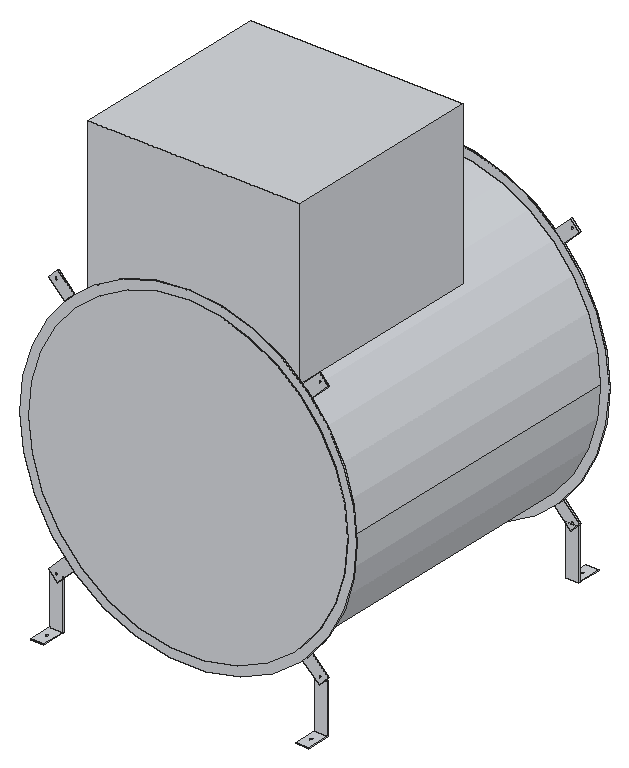
Revit family "TCNH-B", category Mechanical Equipment, Revit 2019
Family settings
  Round Connector Dimension = Use Radius
  Part Type = Normal
  Work Plane-Based = No
  Always vertical = Yes
  Cut with Voids When Loaded = No
  Shared = No
  Room Calculation Point = No
Parameters (values of type "490-TCNH-B")
  Unit Weight [instance] = ""
  Sones [instance] = ""
  SQRT((J^2)/2) = (sqrt((J ^ 2) / 2)) / 2  # 2' - 6.3172"
  SHORT = 3' - 0 1/8"
  Motor RPM [instance] = ""
  Motor Enclosure [instance] = ""
  ModelID [instance] = ""
  LwA [instance] = ""
  LONG = 3' - 5 9/16"
  J/2 = J / 2  # 3' - 6 7/8"
  G-SQ = G - (sqrt((J ^ 2) / 2) / 2)  # 0' - 11.7453"
  G+SQ = G + (sqrt((J ^ 2) / 2) / 2)  # 6' - 0.3797"
  C/3*2 = -C / 3 * 1  # -2' - 0.16667"
  B/3 = B / 3  # 2' - 0.33333"
  Accessories [instance] = ""
  45 = 45.00°  # constant formula
  135 = 135.00°  # constant formula
  -C+1.5 = -C + 0' 1 1/2"  # -5' - 11"
  (J+2")/2 = (J + 0' 2") / 2  # 3' - 7 7/8"
  J = 7' - 1 3/4"
  H/2 = H / 2  # 4' - 5 1/8"
  H = 8' - 10 1/4"
  G = 3' - 6 1/16"
  Fan RPM [instance] = ""
  F = 5' - 9 7/16"
  E/2 = E / 2  # 2' - 6 5/16"
  E-3 = E - 0' 3"  # 4' - 9 5/8"
  E+3 = E + 0' 3"  # 5' - 3 5/8"
  E = 5' - 0 5/8"
  D/2 = D / 2  # 3' - 2 29/32"
  D-3 = D - 0' 3"  # 6' - 2 13/16"
  D+3 = D + 0' 3"  # 6' - 8 13/16"
  D = 6' - 5 13/16"
  C/2 = C / 2  # 3' - 0 1/4"
  C = 6' - 0 1/2"
  Brake Hp [instance] = ""
  B/2 = B / 2  # 3' - 0 1/2"
  B-C = B - C  # 0' - 0 1/2"
  B = 6' - 1"
  A/4 = A / 4  # 1' - 7 5/16"
  A/2 = A / 2  # 3' - 2 5/8"
  A/12 = A / 12  # 0' - 6 7/16"
  A = 6' - 5 1/4"
  4" = 0' - 4"  # constant formula
  2' = 2' - 0"
  2" = 0' - 2"  # constant formula
  1" = 0' - 1"  # constant formula
  0 = 0' - 0"  # constant formula
  Voltage [instance] = 0 V
  URL = "www.lorencook.com"
  Type Comments = "Tubular Centrifugal Inline Belt Drive Heavy Duty Arr. 9"  # constant formula
  Static Pressure [instance] = 0.00 in-wg
  Power [instance] = Voltage * Motor FLA * sqrt(if(Phase = 3, 3, 1))  # 0 VA
  Phase [instance] = 0
  Number of Poles [instance] = 1
  Motor Hp [instance] = "0"
  Motor FLA [instance] = 0 A
  Model = "TCNH-B"  # constant formula
  Manufacturer = "Loren Cook Company"
  CFM [instance] = 0 CFM
  1.5 = 0' - 1 1/2"  # constant formula
  1/4 = 0' - 0 1/4"  # constant formula
  ONE EIGTH = 0' - 0 1/8"  # constant formula
  -(C/2) = -(C / 2)  # -3' - 0 1/4"
  -(A/2) = -(A / 2)  # -3' - 2 5/8"
  (E-3)/2 = (E - 0' 3") / 2  # 2' - 4 13/16"
  (E+3)/2 = (E + 0' 3") / 2  # 2' - 7 13/16"
  (D-3)/2 = (D - 0' 3") / 2  # 3' - 1 13/32"
  (D+3)/2 = (D + 0' 3") / 2  # 3' - 4 13/32"
  (A/4)+(A/12) = (A / 4) + (A / 12)  # 2' - 1 3/4"
Types (21): name | SQRT((J^2)/2) | SHORT | LONG | J/2 | G-SQ | G+SQ | C/3*2 | B/3 | -C+1.5 | (J+2")/2 | J | H/2 | H | G | F | E/2 | E-3 | E+3 | E | D/2 | D-3 | D+3 | D | C/2 | C | B/2 | B-C | B | A/4 | A/2 | A/12 | A | -(C/2) | -(A/2) | (E-3)/2 | (E+3)/2 | (D-3)/2 | (D+3)/2 | (A/4)+(A/12)
  (no name) | 2' - 6.3172" | 3' - 0 1/8" | 3' - 5 9/16" | 3' - 6 7/8" | 0' - 11.7453" | 6' - 0.3797" | -2' - 0.16667" | 2' - 0.33333" | -5' - 11" | 3' - 7 7/8" | 7' - 1 3/4" | 4' - 5 1/8" | 8' - 10 1/4" | 3' - 6 1/16" | 5' - 9 7/16" | 2' - 6 5/16" | 4' - 9 5/8" | 5' - 3 5/8" | 5' - 0 5/8" | 3' - 2 29/32" | 6' - 2 13/16" | 6' - 8 13/16" | 6' - 5 13/16" | 3' - 0 1/4" | 6' - 0 1/2" | 3' - 0 1/2" | 0' - 0 1/2" | 6' - 1" | 1' - 7 5/16" | 3' - 2 5/8" | 0' - 6 7/16" | 6' - 5 1/4" | -3' - 0 1/4" | -3' - 2 5/8" | 2' - 4 13/16" | 2' - 7 13/16" | 3' - 1 13/32" | 3' - 4 13/32" | 2' - 1 3/4"
  60-TCNH-B | 0' - 7.40252" | 0' - 7 1/2" | 0' - 10 7/8" | 0' - 10 15/32" | 0' - 2.72248" | 1' - 5.52752" | -0' - 7.33333" | 0' - 5.33333" | -1' - 8 1/2" | 0' - 11 15/32" | 1' - 8 15/16" | 1' - 3 5/16" | 2' - 6 5/8" | 0' - 10 1/8" | 1' - 5 11/16" | 0' - 7 11/32" | 0' - 11 11/16" | 1' - 5 11/16" | 1' - 2 11/16" | 0' - 9 1/4" | 1' - 3 1/2" | 1' - 9 1/2" | 1' - 6 1/2" | 0' - 11" | 1' - 10" | 0' - 8" | -0' - 6" | 1' - 4" | 0' - 4 3/4" | 0' - 9 1/2" | 0' - 1.58333" | 1' - 7" | -0' - 11" | -0' - 9 1/2" | 0' - 5 27/32" | 0' - 8 27/32" | 0' - 7 3/4" | 0' - 10 3/4" | 0' - 6.33333"
  70-TCNH-B | 0' - 7.40252" | 0' - 7 1/2" | 0' - 10 7/8" | 0' - 10 15/32" | 0' - 2.72248" | 1' - 5.52752" | -0' - 7.33333" | 0' - 5.33333" | -1' - 8 1/2" | 0' - 11 15/32" | 1' - 8 15/16" | 1' - 3 5/16" | 2' - 6 5/8" | 0' - 10 1/8" | 1' - 5 11/16" | 0' - 7 11/32" | 0' - 11 11/16" | 1' - 5 11/16" | 1' - 2 11/16" | 0' - 9 1/4" | 1' - 3 1/2" | 1' - 9 1/2" | 1' - 6 1/2" | 0' - 11" | 1' - 10" | 0' - 8" | -0' - 6" | 1' - 4" | 0' - 4 3/4" | 0' - 9 1/2" | 0' - 1.58333" | 1' - 7" | -0' - 11" | -0' - 9 1/2" | 0' - 5 27/32" | 0' - 8 27/32" | 0' - 7 3/4" | 0' - 10 3/4" | 0' - 6.33333"
  80-TCNH-B | 0' - 7.40252" | 0' - 7 1/2" | 0' - 10 7/8" | 0' - 10 15/32" | 0' - 2.72248" | 1' - 5.52752" | -0' - 7.33333" | 0' - 5.33333" | -1' - 8 1/2" | 0' - 11 15/32" | 1' - 8 15/16" | 1' - 3 5/16" | 2' - 6 5/8" | 0' - 10 1/8" | 1' - 5 11/16" | 0' - 7 11/32" | 0' - 11 11/16" | 1' - 5 11/16" | 1' - 2 11/16" | 0' - 9 1/4" | 1' - 3 1/2" | 1' - 9 1/2" | 1' - 6 1/2" | 0' - 11" | 1' - 10" | 0' - 8" | -0' - 6" | 1' - 4" | 0' - 4 3/4" | 0' - 9 1/2" | 0' - 1.58333" | 1' - 7" | -0' - 11" | -0' - 9 1/2" | 0' - 5 27/32" | 0' - 8 27/32" | 0' - 7 3/4" | 0' - 10 3/4" | 0' - 6.33333"
  100-TCNH-B | 0' - 7.40252" | 0' - 7 1/2" | 0' - 10 7/8" | 0' - 10 15/32" | 0' - 2.72248" | 1' - 5.52752" | -0' - 7.33333" | 0' - 5.33333" | -1' - 8 1/2" | 0' - 11 15/32" | 1' - 8 15/16" | 1' - 3 5/16" | 2' - 6 5/8" | 0' - 10 1/8" | 1' - 5 11/16" | 0' - 7 11/32" | 0' - 11 11/16" | 1' - 5 11/16" | 1' - 2 11/16" | 0' - 9 1/4" | 1' - 3 1/2" | 1' - 9 1/2" | 1' - 6 1/2" | 0' - 11" | 1' - 10" | 0' - 8" | -0' - 6" | 1' - 4" | 0' - 4 3/4" | 0' - 9 1/2" | 0' - 1.58333" | 1' - 7" | -0' - 11" | -0' - 9 1/2" | 0' - 5 27/32" | 0' - 8 27/32" | 0' - 7 3/4" | 0' - 10 3/4" | 0' - 6.33333"
  120-TCNH-B | 0' - 8.10963" | 0' - 8" | 0' - 11 3/8" | 0' - 11 15/32" | 0' - 2.76537" | 1' - 6.98463" | -0' - 7.66667" | 0' - 6" | -1' - 9 1/2" | 1' - 0 15/32" | 1' - 10 15/16" | 1' - 4 3/32" | 2' - 8 3/16" | 0' - 10 7/8" | 1' - 7 1/8" | 0' - 8 1/16" | 1' - 1 1/8" | 1' - 7 1/8" | 1' - 4 1/8" | 0' - 9 3/4" | 1' - 4 1/2" | 1' - 10 1/2" | 1' - 7 1/2" | 0' - 11 1/2" | 1' - 11" | 0' - 9" | -0' - 5" | 1' - 6" | 0' - 5 1/4" | 0' - 10 1/2" | 0' - 1 3/4" | 1' - 9" | -0' - 11 1/2" | -0' - 10 1/2" | 0' - 6 9/16" | 0' - 9 9/16" | 0' - 8 1/4" | 0' - 11 1/4" | 0' - 7"
  490-TCNH-B | 2' - 6.3172" | 3' - 0 1/8" | 3' - 5 9/16" | 3' - 6 7/8" | 0' - 11.7453" | 6' - 0.3797" | -2' - 0.16667" | 2' - 0.33333" | -5' - 11" | 3' - 7 7/8" | 7' - 1 3/4" | 4' - 5 1/8" | 8' - 10 1/4" | 3' - 6 1/16" | 5' - 9 7/16" | 2' - 6 5/16" | 4' - 9 5/8" | 5' - 3 5/8" | 5' - 0 5/8" | 3' - 2 29/32" | 6' - 2 13/16" | 6' - 8 13/16" | 6' - 5 13/16" | 3' - 0 1/4" | 6' - 0 1/2" | 3' - 0 1/2" | 0' - 0 1/2" | 6' - 1" | 1' - 7 5/16" | 3' - 2 5/8" | 0' - 6 7/16" | 6' - 5 1/4" | -3' - 0 1/4" | -3' - 2 5/8" | 2' - 4 13/16" | 2' - 7 13/16" | 3' - 1 13/32" | 3' - 4 13/32" | 2' - 1 3/4"
  135-TCNH-B | 0' - 9.19239" | 0' - 7 3/4" | 1' - 0 1/8" | 1' - 1" | 0' - 4.18261" | 1' - 10.56739" | -0' - 8.16667" | 0' - 7" | -1' - 11" | 1' - 2" | 2' - 2" | 1' - 6 3/8" | 3' - 0 3/4" | 1' - 1 3/8" | 1' - 9 1/4" | 0' - 9 1/8" | 1' - 3 1/4" | 1' - 9 1/4" | 1' - 6 1/4" | 0' - 10" | 1' - 5" | 1' - 11" | 1' - 8" | 1' - 0 1/4" | 2' - 0 1/2" | 0' - 10 1/2" | -0' - 3 1/2" | 1' - 9" | 0' - 6" | 1' - 0" | 0' - 2" | 2' - 0" | -1' - 0 1/4" | -1' - 0" | 0' - 7 5/8" | 0' - 10 5/8" | 0' - 8 1/2" | 0' - 11 1/2" | 0' - 8"
  150-TCNH-B | 0' - 10.25305" | 0' - 8 7/8" | 1' - 1 1/2" | 1' - 2 1/2" | 0' - 4.24695" | 2' - 0.75305" | -0' - 9.08333" | 0' - 8" | -2' - 1 3/4" | 1' - 3 1/2" | 2' - 5" | 1' - 9 5/8" | 3' - 7 1/4" | 1' - 2 1/2" | 1' - 11 3/8" | 0' - 10 3/16" | 1' - 5 3/8" | 1' - 11 3/8" | 1' - 8 3/8" | 0' - 11 1/4" | 1' - 7 1/2" | 2' - 1 1/2" | 1' - 10 1/2" | 1' - 1 5/8" | 2' - 3 1/4" | 1' - 0" | -0' - 3 1/4" | 2' - 0" | 0' - 6 3/4" | 1' - 1 1/2" | 0' - 2 1/4" | 2' - 3" | -1' - 1 5/8" | -1' - 1 1/2" | 0' - 8 11/16" | 0' - 11 11/16" | 0' - 9 3/4" | 1' - 0 3/4" | 0' - 9"
  165-TCNH-B | 0' - 11.44629" | 0' - 8 5/8" | 1' - 2 1/4" | 1' - 4 3/16" | 0' - 4.30371" | 2' - 3.19629" | -0' - 9.58333" | 0' - 8.66667" | -2' - 3 1/4" | 1' - 5 3/16" | 2' - 8 3/8" | 1' - 10 7/8" | 3' - 9 3/4" | 1' - 3 3/4" | 2' - 2 7/8" | 0' - 11 3/8" | 1' - 7 3/4" | 2' - 1 3/4" | 1' - 10 3/4" | 0' - 11 1/2" | 1' - 8" | 2' - 2" | 1' - 11" | 1' - 2 3/8" | 2' - 4 3/4" | 1' - 1" | -0' - 2 3/4" | 2' - 2" | 0' - 7 1/4" | 1' - 2 1/2" | 0' - 2.41667" | 2' - 5" | -1' - 2 3/8" | -1' - 2 1/2" | 0' - 9 7/8" | 1' - 0 7/8" | 0' - 10" | 1' - 1" | 0' - 9.66667"
  180-TCNH-B | 1' - 0.17549" | 0' - 10 7/8" | 1' - 3 1/2" | 1' - 5 7/32" | 0' - 4.19951" | 2' - 4.55049" | -0' - 10.41667" | 0' - 9.33333" | -2' - 5 3/4" | 1' - 6 7/32" | 2' - 10 7/16" | 1' - 11 7/8" | 3' - 11 3/4" | 1' - 4 3/8" | 2' - 4 3/16" | 1' - 0 13/32" | 1' - 9 13/16" | 2' - 3 13/16" | 2' - 0 13/16" | 1' - 1 1/4" | 1' - 11 1/2" | 2' - 5 1/2" | 2' - 2 1/2" | 1' - 3 5/8" | 2' - 7 1/4" | 1' - 2" | -0' - 3 1/4" | 2' - 4" | 0' - 7 3/4" | 1' - 3 1/2" | 0' - 2.58333" | 2' - 7" | -1' - 3 5/8" | -1' - 3 1/2" | 0' - 10 29/32" | 1' - 1 29/32" | 0' - 11 3/4" | 1' - 2 3/4" | 0' - 10.33333"
  195-TCNH-B | 1' - 1.94326" | 0' - 11" | 1' - 4 5/8" | 1' - 7 23/32" | 0' - 5.18174" | 2' - 9.06826" | -0' - 11.16667" | 0' - 10.33333" | -2' - 8" | 1' - 8 23/32" | 3' - 3 7/16" | 2' - 2 3/32" | 4' - 4 3/16" | 1' - 7 1/8" | 2' - 8 3/4" | 1' - 1 7/8" | 2' - 0 3/4" | 2' - 6 3/4" | 2' - 3 3/4" | 1' - 1 7/8" | 2' - 0 3/4" | 2' - 6 3/4" | 2' - 3 3/4" | 1' - 4 3/4" | 2' - 9 1/2" | 1' - 3 1/2" | -0' - 2 1/2" | 2' - 7" | 0' - 8 1/2" | 1' - 5" | 0' - 2.83333" | 2' - 10" | -1' - 4 3/4" | -1' - 5" | 1' - 0 3/8" | 1' - 3 3/8" | 1' - 0 3/8" | 1' - 3 3/8" | 0' - 11.33333"
  210-TCNH-B | 1' - 3 1/256" | 0' - 11 5/8" | 1' - 5 1/4" | 1' - 9 7/32" | 0' - 5 47/256" | 2' - 11 49/256" | -0' - 11.58333" | 0' - 11.33333" | -2' - 9 1/4" | 1' - 10 7/32" | 3' - 6 7/16" | 2' - 3 9/16" | 4' - 7 1/8" | 1' - 8 3/16" | 3' - 1 7/8" | 1' - 2 15/16" | 2' - 2 7/8" | 2' - 8 7/8" | 2' - 5 7/8" | 1' - 2 1/2" | 2' - 2" | 2' - 8" | 2' - 5" | 1' - 5 3/8" | 2' - 10 3/4" | 1' - 5" | -0' - 0 3/4" | 2' - 10" | 0' - 9 1/4" | 1' - 6 1/2" | 0' - 3.08333" | 3' - 1" | -1' - 5 3/8" | -1' - 6 1/2" | 1' - 1 7/16" | 1' - 4 7/16" | 1' - 1" | 1' - 4" | 1' - 0.33333"
  225-TCNH-B | 1' - 5.12524" | 1' - 5 5/8" | 1' - 11 1/8" | 2' - 0 7/32" | 0' - 5.74976" | 3' - 4.00024" | -0' - 11.83333" | 1' - 0" | -2' - 10" | 2' - 1 7/32" | 4' - 0 7/16" | 2' - 7 1/16" | 5' - 2 1/8" | 1' - 10 7/8" | 3' - 6 1/16" | 1' - 5 1/8" | 2' - 7 1/4" | 3' - 1 1/4" | 2' - 10 1/4" | 1' - 8 7/16" | 3' - 1 7/8" | 3' - 7 7/8" | 3' - 4 7/8" | 1' - 5 3/4" | 2' - 11 1/2" | 1' - 6" | 0' - 0 1/2" | 3' - 0" | 0' - 10 1/16" | 1' - 8 1/8" | 0' - 3.35417" | 3' - 4 1/4" | -1' - 5 3/4" | -1' - 8 1/8" | 1' - 3 5/8" | 1' - 6 5/8" | 1' - 6 15/16" | 1' - 9 15/16" | 1' - 1.41667"
  245-TCNH-B | 1' - 6.56155" | 1' - 8 3/8" | 2' - 1 7/8" | 2' - 2 1/4" | 0' - 5.75095" | 3' - 6.87405" | -1' - 1.66667" | 1' - 1.33333" | -3' - 3 1/2" | 2' - 3 1/4" | 4' - 4 1/2" | 2' - 8 15/16" | 5' - 5 7/8" | 2' - 0 5/16" | 3' - 8 15/16" | 1' - 6 9/16" | 2' - 10 1/8" | 3' - 4 1/8" | 3' - 1 1/8" | 1' - 11 3/16" | 3' - 7 3/8" | 4' - 1 3/8" | 3' - 10 3/8" | 1' - 8 1/2" | 3' - 5" | 1' - 8" | -0' - 1" | 3' - 4" | 0' - 11 1/16" | 1' - 10 1/8" | 0' - 3 11/16" | 3' - 8 1/4" | -1' - 8 1/2" | -1' - 10 1/8" | 1' - 5 1/16" | 1' - 8 1/16" | 1' - 9 11/16" | 2' - 0 11/16" | 1' - 2 3/4"
  270-TCNH-B | 1' - 7.99786" | 1' - 11 1/8" | 2' - 4 9/16" | 2' - 4 9/32" | 0' - 5.75214" | 3' - 9.74786" | -1' - 3 1/2" | 1' - 2.66667" | -3' - 9" | 2' - 5 9/32" | 4' - 8 9/16" | 2' - 11 13/16" | 5' - 11 5/8" | 2' - 1 3/4" | 3' - 11 3/4" | 1' - 8" | 3' - 1" | 3' - 7" | 3' - 4" | 2' - 1 29/32" | 4' - 0 13/16" | 4' - 6 13/16" | 4' - 3 13/16" | 1' - 11 1/4" | 3' - 10 1/2" | 1' - 10" | -0' - 2 1/2" | 3' - 8" | 1' - 0 1/16" | 2' - 0 1/8" | 0' - 4.02083" | 4' - 0 1/4" | -1' - 11 1/4" | -2' - 0 1/8" | 1' - 6 1/2" | 1' - 9 1/2" | 2' - 0 13/32" | 2' - 3 13/32" | 1' - 4.08333"
  300-TCNH-B | 1' - 9.41208" | 2' - 0" | 2' - 5 7/16" | 2' - 6 9/32" | 0' - 7.77542" | 4' - 2.59958" | -1' - 4.08333" | 1' - 4" | -3' - 10 3/4" | 2' - 7 9/32" | 5' - 0 9/16" | 3' - 1 15/16" | 6' - 3 7/8" | 2' - 5 3/16" | 4' - 2 5/8" | 1' - 9 7/16" | 3' - 3 7/8" | 3' - 9 7/8" | 3' - 6 7/8" | 2' - 2 25/32" | 4' - 2 9/16" | 4' - 8 9/16" | 4' - 5 9/16" | 2' - 0 1/8" | 4' - 0 1/4" | 2' - 0" | -0' - 0 1/4" | 4' - 0" | 1' - 1 1/16" | 2' - 2 1/8" | 0' - 4.35417" | 4' - 4 1/4" | -2' - 0 1/8" | -2' - 2 1/8" | 1' - 7 15/16" | 1' - 10 15/16" | 2' - 1 9/32" | 2' - 4 9/32" | 1' - 5.41667"
  330-TCNH-B | 1' - 10.84839" | 2' - 1 7/8" | 2' - 7 3/16" | 2' - 8 5/16" | 0' - 7.71411" | 4' - 5.41089" | -1' - 5.33333" | 1' - 5.33333" | -4' - 2 1/2" | 2' - 9 5/16" | 5' - 4 5/8" | 3' - 4 1/4" | 6' - 8 1/2" | 2' - 6 9/16" | 4' - 5 1/2" | 1' - 10 7/8" | 3' - 6 3/4" | 4' - 0 3/4" | 3' - 9 3/4" | 2' - 4 19/32" | 4' - 6 3/16" | 5' - 0 3/16" | 4' - 9 3/16" | 2' - 2" | 4' - 4" | 2' - 2" | 0' - 0" | 4' - 4" | 1' - 2 1/16" | 2' - 4 1/8" | 0' - 4 11/16" | 4' - 8 1/4" | -2' - 2" | -2' - 4 1/8" | 1' - 9 3/8" | 2' - 0 3/8" | 2' - 3 3/32" | 2' - 6 3/32" | 1' - 6 3/4"
  365-TCNH-B | 1' - 11.55549" | 2' - 2 7/8" | 2' - 8 3/16" | 2' - 9 5/16" | 0' - 9.75701" | 4' - 8.86799" | -1' - 6" | 1' - 6" | -4' - 4 1/2" | 2' - 10 5/16" | 5' - 6 5/8" | 3' - 5 21/32" | 6' - 11 5/16" | 2' - 9 5/16" | 4' - 6 15/16" | 1' - 11 9/16" | 3' - 8 1/8" | 4' - 2 1/8" | 3' - 11 1/8" | 2' - 5 19/32" | 4' - 8 3/16" | 5' - 2 3/16" | 4' - 11 3/16" | 2' - 3" | 4' - 6" | 2' - 3" | 0' - 0" | 4' - 6" | 1' - 2 9/16" | 2' - 5 1/8" | 0' - 4.85417" | 4' - 10 1/4" | -2' - 3" | -2' - 5 1/8" | 1' - 10 1/16" | 2' - 1 1/16" | 2' - 4 3/32" | 2' - 7 3/32" | 1' - 7.41667"
  445-TCNH-B | 2' - 3.79814" | 2' - 8 7/8" | 3' - 2 5/16" | 3' - 3 5/16" | 0' - 11.76436" | 5' - 7.36064" | -1' - 10" | 1' - 10" | -5' - 4 1/2" | 3' - 4 5/16" | 6' - 6 5/8" | 4' - 1 17/32" | 8' - 3 1/16" | 3' - 3 9/16" | 5' - 3 7/16" | 2' - 3 27/32" | 4' - 4 11/16" | 4' - 10 11/16" | 4' - 7 11/16" | 2' - 11 21/32" | 5' - 8 5/16" | 6' - 2 5/16" | 5' - 11 5/16" | 2' - 9" | 5' - 6" | 2' - 9" | 0' - 0" | 5' - 6" | 1' - 5 9/16" | 2' - 11 1/8" | 0' - 5.85417" | 5' - 10 1/4" | -2' - 9" | -2' - 11 1/8" | 2' - 2 11/32" | 2' - 5 11/32" | 2' - 10 5/32" | 3' - 1 5/32" | 1' - 11.41667"
  402-TCNH-B | 2' - 1.67681" | 2' - 5 5/8" | 2' - 11 1/16" | 3' - 0 5/16" | 0' - 9.76069" | 5' - 1.11431" | -1' - 7.83333" | 1' - 8" | -4' - 10" | 3' - 1 5/16" | 6' - 0 5/8" | 3' - 10 5/16" | 7' - 8 5/8" | 2' - 11 7/16" | 4' - 11 3/16" | 2' - 1 11/16" | 4' - 0 3/8" | 4' - 6 3/8" | 4' - 3 3/8" | 2' - 8 13/32" | 5' - 1 13/16" | 5' - 7 13/16" | 5' - 4 13/16" | 2' - 5 3/4" | 4' - 11 1/2" | 2' - 6" | 0' - 0 1/2" | 5' - 0" | 1' - 4 1/16" | 2' - 8 1/8" | 0' - 5.35417" | 5' - 4 1/4" | -2' - 5 3/4" | -2' - 8 1/8" | 2' - 0 3/16" | 2' - 3 3/16" | 2' - 6 29/32" | 2' - 9 29/32" | 1' - 9.41667"
Reference planes (in)
  plane 1 "Center (Front/Back)": y = 0
  plane 2: z = 0
  plane 3 "Center (Left/Right)": x = 0.40541
Forms (in)
  Extrusion 1, solid
    sketch origin (0, 0, 0) x (1, 0, 0) y (0, 0, 1)
      loop
        circle (0.40541, 42.0625) r 36.5
    from -36.25 <- "-(C/2)" to 36.25 <- "C/2"
  Extrusion 2, solid
    sketch origin (0, -36.25, 0) x (1, 0, 0) y (0, 0, 1)
      loop
        circle (0.40541, 42.0625) r 38.625
    from 0 to -0.125
  Extrusion 3, solid
    sketch origin (0, 36.25, 0) x (-1, 0, 0) y (0, 0, 1)
      loop
        circle (-0.40541, 42.0625) r 38.625
    from 0 to -0.125
  Revolve 4, void
    sketch origin (0.40541, 0, 0) x (0, 1, 0) y (0, 0, 1)
      loop
        line (36.25, 42.0625) -> (36.25, 67.8125)
        arc (36.25, 67.8125) -> (34.3645, 63.2605) -> (29.8125, 61.375) r 6.4375
        line (29.8125, 61.375) -> (29.8125, 42.0625) -> (36.25, 42.0625)
      axis (36.25, 42.0625) -> (29.8125, 42.0625)
    angle from 0 to 360
  Extrusion 5, solid
    sketch origin (0, 0, 0) x (1, 0, 0) y (0, 1, 0)
      loop
        line (-31.40709, 41.5625) -> (-31.40709, 36.125) -> (-28.40709, 36.125) -> (-28.40709, 41.5625) -> (-31.40709, 41.5625)
      loop
        line (32.21791, 41.5625) -> (29.21791, 41.5625) -> (29.21791, 36.125) -> (32.21791, 36.125) -> (32.21791, 41.5625)
      loop
        line (32.21791, -41.5625) -> (32.21791, -36.125) -> (29.21791, -36.125) -> (29.21791, -41.5625) -> (32.21791, -41.5625)
      loop
        line (-31.40709, -41.5625) -> (-28.40709, -41.5625) -> (-28.40709, -36.125) -> (-31.40709, -36.125) -> (-31.40709, -41.5625)
    from 0 to 0.125
  Extrusion 6, void
    sketch origin (0, 0, 0) x (1, 0, 0) y (0, 1, 0)
      loop
        circle (-29.90709, 38.90625) r 0.25
      loop
        circle (30.71791, 38.90625) r 0.25
      loop
        circle (30.71791, -38.90625) r 0.25
      loop
        circle (-29.90709, -38.90625) r 0.25
    from 0 to 0.125
  Extrusion 7, solid
    sketch origin (0, 36.25, 0) x (-1, 0, 0) y (0, 0, 1)
      loop
        arc (-30.35093, 74.12933) -> (-31.42972, 73.08681) -> (-32.47225, 72.00801) r 43.875
        line (-32.47225, 72.00801) -> (-28.75747, 68.29324)
        arc (-28.75747, 68.29324) -> (-27.71741, 69.3745) -> (-26.63615, 70.41456) r 38.625
        line (-26.63615, 70.41456) -> (-30.35093, 74.12933)
      loop
        line (29.5401, 74.12933) -> (25.82532, 70.41456)
        arc (25.82532, 70.41456) -> (26.90659, 69.3745) -> (27.94664, 68.29324) r 38.625
        line (27.94664, 68.29324) -> (31.66142, 72.00801)
        arc (31.66142, 72.00801) -> (30.6189, 73.08681) -> (29.5401, 74.12933) r 43.875
      loop
        arc (29.5401, 9.99567) -> (30.6189, 11.03819) -> (31.66142, 12.11699) r 43.875
        line (31.66142, 12.11699) -> (27.94664, 15.83176)
        arc (27.94664, 15.83176) -> (26.90659, 14.7505) -> (25.82532, 13.71044) r 38.625
        line (25.82532, 13.71044) -> (29.5401, 9.99567)
      loop
        line (-30.35093, 9.99567) -> (-26.63615, 13.71044)
        arc (-26.63615, 13.71044) -> (-27.71741, 14.7505) -> (-28.75747, 15.83176) r 38.625
        line (-28.75747, 15.83176) -> (-32.47225, 12.11699)
        arc (-32.47225, 12.11699) -> (-31.42972, 11.03819) -> (-30.35093, 9.99567) r 43.875
    from -0.125 to -0.25
  Extrusion 8, solid
    sketch origin (0, -36.25, 0) x (1, 0, 0) y (0, 0, 1)
      loop
        line (32.47225, 12.11699) -> (28.75747, 15.83176)
        arc (28.75747, 15.83176) -> (27.71741, 14.7505) -> (26.63615, 13.71044) r 38.625
        line (26.63615, 13.71044) -> (30.35093, 9.99567)
        arc (30.35093, 9.99567) -> (31.42972, 11.03819) -> (32.47225, 12.11699) r 43.875
      loop
        line (30.35093, 74.12933) -> (26.63615, 70.41456)
        arc (26.63615, 70.41456) -> (27.71741, 69.3745) -> (28.75747, 68.29324) r 38.625
        line (28.75747, 68.29324) -> (32.47225, 72.00801)
        arc (32.47225, 72.00801) -> (31.42972, 73.08681) -> (30.35093, 74.12933) r 43.875
      loop
        arc (-31.66142, 12.11699) -> (-30.6189, 11.03819) -> (-29.5401, 9.99567) r 43.875
        line (-29.5401, 9.99567) -> (-25.82532, 13.71044)
        arc (-25.82532, 13.71044) -> (-26.90659, 14.7505) -> (-27.94664, 15.83176) r 38.625
        line (-27.94664, 15.83176) -> (-31.66142, 12.11699)
      loop
        arc (-29.5401, 74.12933) -> (-30.6189, 73.08681) -> (-31.66142, 72.00801) r 43.875
        line (-31.66142, 72.00801) -> (-27.94664, 68.29324)
        arc (-27.94664, 68.29324) -> (-26.90659, 69.3745) -> (-25.82532, 70.41456) r 38.625
        line (-25.82532, 70.41456) -> (-29.5401, 74.12933)
    from -0.125 to -0.25
  Extrusion 9, solid
    sketch origin (0, -36.125, 0) x (1, 0, 0) y (0, 0, 1)
      loop
        line (29.21791, 0) -> (32.21791, 0) -> (32.21791, 11.4953) -> (29.21791, 11.4953) -> (29.21791, 0)
      loop
        line (-28.40709, 0) -> (-28.40709, 11.4953) -> (-31.40709, 11.4953) -> (-31.40709, 0) -> (-28.40709, 0)
    from 0 to -0.125
  Extrusion 10, solid
    sketch origin (0, 36.125, 0) x (-1, 0, 0) y (0, 0, 1)
      loop
        line (-32.21791, 11.4953) -> (-32.21791, 0) -> (-29.21791, 0) -> (-29.21791, 11.4953) -> (-32.21791, 11.4953)
      loop
        line (28.40709, 11.4953) -> (28.40709, 0) -> (31.40709, 0) -> (31.40709, 11.4953) -> (28.40709, 11.4953)
    from 0 to -0.125
  Extrusion 11, void
    sketch origin (0, 0, 0) x (1, 0, 0) y (0, 0, 1)
      loop
        circle (-29.91179, 72.3797) r 0.25
      loop
        circle (-29.91179, 11.7453) r 0.25
      loop
        circle (30.72262, 11.7453) r 0.25
      loop
        circle (30.72262, 72.3797) r 0.25
    from 36.25 <- "C/2" to -36.25 <- "-(C/2)"
  Extrusion 12, solid
    sketch origin (0, 36.25, 0) x (-1, 0, 0) y (0, 0, 1)
      loop
        line (-24.73875, 106.25) -> (-24.73875, 69.26799)
        arc (-24.73875, 69.26799) -> (-0.40541, 78.5625) -> (23.92792, 69.26799) r 36.5
        line (23.92792, 69.26799) -> (23.92792, 106.25) -> (-24.73875, 106.25)
    from -24.16667 <- "C/3*2" to -71 <- "-C+1.5"
Cuts and joins
  Revolve 4, Extrusion 11 cuts Extrusion 1
  Revolve 4, Extrusion 11 cuts Extrusion 3
  Extrusion 6 cuts Extrusion 5
  Extrusion 11 cuts Extrusion 2
  Extrusion 11 cuts Extrusion 7
  Extrusion 11 cuts Extrusion 8
Dimensions and locks (in)
  "G": Extrusion 1 sketch curve to level
  "G": Extrusion 2 sketch curve to level
  "G": level to Extrusion 3 sketch curve
  "A/4": Revolve 4 sketch curve to Revolve 4 sketch curve
  "(A/4)+(A/12)": Revolve 4 sketch curve to Revolve 4 sketch curve
  "A/12": Extrusion 3 to Revolve 4 sketch curve
  "G": level to Revolve 4 sketch curve  (x2)
  Extrusion 3 to Revolve 4 sketch curve = 0' - 0"
  "SHORT": plane 1 "Center (Front/Back)" to Extrusion 5 sketch curve  (x3)
  "LONG": plane 1 "Center (Front/Back)" to Extrusion 5 sketch curve  (x2)
  "(E-3)/2": Extrusion 5 sketch curve to plane 3 "Center (Left/Right)"  (x2)
  "(E+3)/2": Extrusion 5 sketch curve to plane 3 "Center (Left/Right)"  (x2)
  "SHORT": Extrusion 5 sketch curve to plane 1 "Center (Front/Back)"
  "LONG": Extrusion 5 sketch curve to plane 1 "Center (Front/Back)"  (x2)
  "(E-3)/2": plane 3 "Center (Left/Right)" to Extrusion 5 sketch curve  (x2)
  "(E+3)/2": plane 3 "Center (Left/Right)" to Extrusion 5 sketch curve  (x2)
  "E/2": Extrusion 6 sketch curve to plane 3 "Center (Left/Right)"  (x2)
  "E/2": plane 3 "Center (Left/Right)" to Extrusion 6 sketch curve  (x2)
  "D/2": Extrusion 6 sketch curve to plane 1 "Center (Front/Back)"  (x2)
  "D/2": plane 1 "Center (Front/Back)" to Extrusion 6 sketch curve  (x2)
  "0": Extrusion 7 sketch curve to plane 3 "Center (Left/Right)"  (x8)
  "G": level to Extrusion 7 sketch curve  (x8)
  "1.5": Extrusion 7 sketch curve to Extrusion 7 sketch curve  (x8)
  "G": Extrusion 8 sketch curve to level  (x2)
  "0": Extrusion 8 sketch curve to plane 3 "Center (Left/Right)"  (x2)
  "1.5": Extrusion 8 sketch curve to Extrusion 8 sketch curve  (x8)
  "0": cut or joined group of Extrusion 5, Extrusion 6 to Extrusion 9 sketch curve  (x3)
  "0": Extrusion 9 sketch curve to cut or joined group of Extrusion 5, Extrusion 6
  "0": Extrusion 9 sketch curve to level  (x2)
  "0": Extrusion 9 to Extrusion 10 sketch curve  (x4)
  "0": level to Extrusion 10 sketch curve  (x2)
  "0": Extrusion 10 sketch curve to Extrusion 9  (x2)
  "0": Extrusion 9 sketch curve to Extrusion 9 sketch curve
  "SQRT((J^2)/2)": plane 3 "Center (Left/Right)" to Extrusion 11 sketch curve  (x2)
  "SQRT((J^2)/2)": Extrusion 11 sketch curve to plane 3 "Center (Left/Right)"  (x2)
  "G+SQ": Extrusion 11 sketch curve to level  (x2)
  "G-SQ": Extrusion 11 sketch curve to level  (x2)
  "0": Extrusion 9 sketch curve to cut or joined group of Extrusion 8, Extrusion 11
  "B/3": Extrusion 12 sketch curve to plane 3 "Center (Left/Right)"
  "B/3": plane 3 "Center (Left/Right)" to Extrusion 12 sketch curve
  "H": level to Extrusion 12 sketch curve
  "G": level to Extrusion 12 sketch curve
  "0": plane 3 "Center (Left/Right)" to Extrusion 12 sketch curve
  "B/2": radius of Extrusion 1 sketch curve
  "A/2": radius of Extrusion 2 sketch curve
  "A/2": radius of Extrusion 3 sketch curve
  "1/4": radius of Extrusion 6 sketch curve  (x4)
  "(J+2")/2": radius of Extrusion 7 sketch curve  (x4)
  "A/2": radius of Extrusion 7 sketch curve  (x4)
  "A/2": radius of Extrusion 8 sketch curve
  "(J+2")/2": radius of Extrusion 8 sketch curve  (x4)
  "1/4": radius of Extrusion 11 sketch curve  (x4)
  "B/2": radius of Extrusion 12 sketch curve
  "45": angle plane 3 "Center (Left/Right)" to Extrusion 7 sketch curve  (x6)
  "45": angle Extrusion 8 sketch curve to plane 3 "Center (Left/Right)"  (x4)
  "45": angle plane 3 "Center (Left/Right)" to Extrusion 8 sketch curve  (x4)
  "45": angle Extrusion 7 sketch curve to plane 3 "Center (Left/Right)"  (x2)
Automatic sketch dimensions
  Extrusion 1 sketch curve to plane 3 "Center (Left/Right)" = 0' - 0"
  Revolve 4 sketch curve to plane 1 "Center (Front/Back)" = 0' - 3.41667"
  Revolve 4 sketch curve to Revolve 4 sketch curve = 0' - 0"  (x2)
  Extrusion 8 sketch curve to Extrusion 8 sketch curve = 0' - 0"  (x6)
  Extrusion 12 sketch curve to Extrusion 12 sketch curve = 0' - 0"
  radius of Extrusion 8 sketch curve to Extrusion 2 = 0' - 0"  (x3)
Connectors (in)
  hvac at (0.40541, -36.25, 42.0625), driven by "B/2"
    settings: on cut or joined group of Extrusion 1, Revolve 4, Extrusion 11, index 1, duct flow 0 CFM, flow factor 0, pres drop 0.00 in-wg, loss coef 0, conn angle 0.00°, conn width 12", conn height 12", conn diameter 73", duct sys type 29, conn prof type 0, flow config 0, flow direction 1, loss method 0, conn ref index -1, conn util no, is conn primary yes, conn desc ""
  hvac at (0.40541, 36.25, 42.0625), driven by "B/2"
    settings: on cut or joined group of Extrusion 1, Revolve 4, Extrusion 11, index 2, duct flow 0 CFM, flow factor 0, pres drop 0.00 in-wg, loss coef 0, conn angle 0.00°, conn width 12", conn height 12", conn diameter 73", duct sys type 29, conn prof type 0, flow config 0, flow direction 2, loss method 0, conn ref index -1, conn util no, is conn primary no, conn desc ""
  electrical at (24.73875, -11.33333, 87.759)
    settings: on Extrusion 12, index 3, voltage 0 V, apparent load 0 VA, apparent load phase1 0 VA, apparent load phase2 0 VA, apparent load phase3 0 VA, power factor 1, load classification "Other", number of poles 1, system type 30, power factor state 1, is connector primary yes, connector utility no, sub classification motor no, connector description ""
